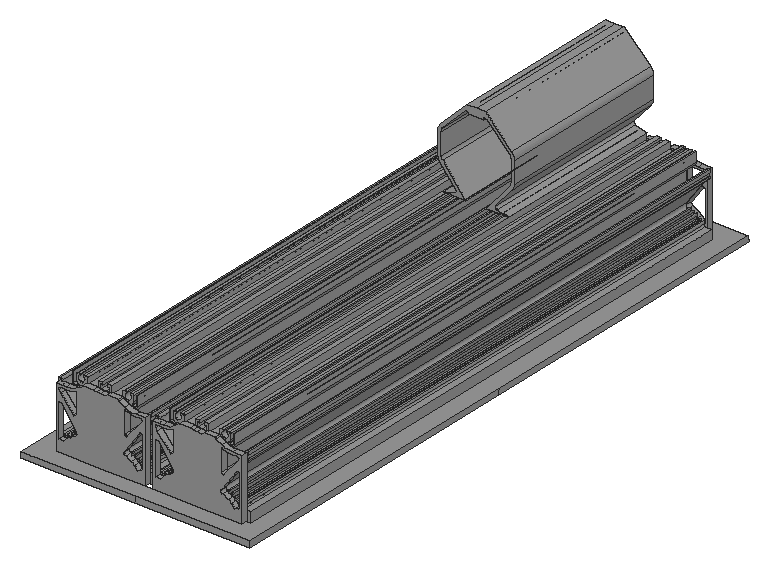
Revit family "L-street 48 Standart", category Осветительные приборы, Revit 2017 (continued)
Types (5, lengths in mm): name | built-in parameter 1150134 | Файл фотометрической сетки | built-in parameter 1150105 | Lumens | built-in parameter 1150106 | built-in parameter 1150142 | Wattage | built-in parameter 1150107 | Артикул
  (no name) | 12 | "L-street 48-65-LLI3-4.0K-01 Standart.ies" | 677.36 (stored number, unit not read) | 8512 lm | 6.7736 (stored number, unit not read) | "IESNA:LM-63-1995\r\n[TEST]LEDEL\r\n[DATA]28.11.2018\r\n[MANUFAC]LEDEL\r\n[LUMCAT]L-street 48/65/Ш3/4.0К/01 Standart\r\n[LUMINAIRE]Для освещения городских улиц, придомовых территорий, парков и пр\r\n[LAMPCAT]LED\r\n[LAMP]OSRAM OSLON SQUARE\r\nTILT=NONE\r\n \r\n1 8512 8.599 91 37 1 2 0.533 0.164 0.148\r\n1 1 65\r\n\r\n0 1 2 3 4 5 6 7 8 9 10 11 12 13 14 15 16 17 18 19 20 21 22 23 24 25 26 27 28 29 30 31 32 33 34 35 36 37 38 39 40 41 42 43 44 45 46 47 48 49 50 51 52 53 54 55 56 57 58 59 60 61 62 63 64 65 66 67 68 69 70 71 72 73 74 75 76 77 78 79 80 81 82 83 84 85 86 87 88 89 90\r\n0 2.5 5 7.5 10 12.5 15 17.5 20 22.5 25 27.5 30 32.5 35 37.5 40 42.5 45 47.5 50 52.5 55 57.5 60 62.5 65 67.5 70 72.5 75 77.5 80 82.5 85 87.5 90 \r\n\r\n328.9 329.3 330.2 330.9 331.9 333.4 335.1 336.8 338.7 340.8 342.8 345 347.5 350.1 353 356 358.9 361.9 364.8 367.6 370.4 373.1 375.9 378.6 381.2 384 387.3 390.9 395 399.6 404.9 410.7 417.4 425.2 435.2 445.1 453.5 460.4 465.8 471.5 479.7 491.2 504.8 521 539.3 559.8 582 607.2 633.9 663 691.7 721.3 752.1 785.2 818.3 851.9 885.2 917 937 939.3 919 859.4 761.2 644.9 513.6 372.2 249 140.6 80.9 50.5 34.7 24.4 17.8 14.5 12.7 11.4 10.5 9.8 9.1 8.5 8 7.4 7 6.5 6.2 5.9 5.5 4.8 3.2 2.7 2.7\r\n328.9 329 329.5 330 330.7 331.9 333.2 334.6 336.2 338 339.8 341.8 344 346.5 349.2 352.1 354.9 357.8 360.7 363.6 366.4 369.2 372 374.9 377.8 380.7 383.9 387.3 391.1 395.4 400.3 405.6 411.7 418.6 427.2 436.3 444.8 452.4 459 464.7 471.7 481.1 492.7 506.6 522.4 540.2 559.7 581.7 605.8 631.5 658.1 685.9 714.5 745.8 778.3 812.3 846.4 879.2 904.3 916.2 905.6 859.1 774.4 661.5 532.7 402.1 293.1 196.3 120.8 68.8 45.8 31.7 22.8 18 15.4 13.6 12.3 11.3 10.5 9.8 9.1 8.5 7.9 7.3 6.9 6.5 6.1 5.5 4.3 3.3 2.9\r\n328.9 328.8 328.9 329 329.6 330.3 331.2 332.3 333.7 335.2 336.8 338.6 340.6 342.8 345.5 348.2 350.9 353.7 356.6 359.6 362.4 365.3 368.2 371.2 374.4 377.4 380.5 383.6 387.3 391.2 395.6 400.5 406 411.9 419.2 427.5 436 444.3 452.2 457.9 463.7 471 480.7 492.2 505.6 520.6 537.4 556.3 577.6 600 624.5 650.4 677 706.4 738.3 772.8 807.5 841.5 871.5 893.1 892.3 858.7 787.6 678.2 551.8 432 337.2 251.9 160.7 87.2 56.8 39 27.9 21.5 18 15.7 14.1 12.8 12 11.2 10.3 9.6 8.9 8.2 7.6 7.1 6.7 6.3 5.5 4 3.1\r\n328.9 329.4 330.2 331 332 333.4 335 336.7 338.6 340.6 342.6 344.7 347.1 349.6 352.4 355.2 358.1 360.9 363.6 366.2 368.8 371.4 374 376.6 379.2 382 385.3 388.8 392.6 397 402.2 407.8 414.4 421.9 431.2 440.5 448.4 454.9 460.4 466.2 474 484.8 497.7 513 530.2 549.4 569.9 593 617.3 643.5 669.5 695.9 722.8 751.4 780 808.5 835.6 860.9 877.7 881 869.3 832.1 763.8 664.3 532.5 377.6 247 136.9 77.5 48.8 34.8 24 17.1 14.1 12.4 11.1 10.2 9.6 8.9 8.3 7.8 7.2 6.8 6.3 6 5.7 5.4 4.7 3.1 2.7 2.7\r\n328.9 329.4 330.1 331 332.1 333.4 334.9 336.6 338.5 340.4 342.3 344.5 346.7 349.1 351.8 354.5 357.3 359.9 362.4 364.8 367.2 369.6 372.2 374.6 377.3 380.1 383.3 386.6 390.2 394.4 399.4 405 411.4 418.6 427.2 435.9 443.2 449.5 455 460.8 468.3 478.4 490.6 505 521.2 539.1 557.7 578.9 600.7 624.1 647.2 670.6 693.5 717.6 741.7 765.1 785.9 804.8 818.4 822.6 819.6 804.9 766.4 683.8 551.4 383.1 244.9 133.2 74 47.1 34.9 23.6 16.4 13.6 12.1 10.9 10 9.4 8.7 8.1 7.6 7 6.6 6.2 5.8 5.4 5.3 4.5 3 2.6 2.7\r\n328.9 329.4 330.2 331 332 333.3 334.7 336.2 338 339.7 341.5 343.5 345.5 347.8 350.3 353 355.7 358.2 360.7 363 365.4 367.8 370.3 372.8 375.5 378.3 381.5 384.8 388.6 392.8 397.6 403 409.3 416.1 424.2 432.5 439.5 445.4 450.6 455.9 462.5 471.1 481.3 493.2 506.3 520.8 536.2 553.5 571.6 591.3 611.2 631.8 652.8 675.7 698.9 722.2 742.8 761.3 775.1 781.3 780.2 768.4 735.8 659.6 539 387.4 258.5 153.6 86.2 51.2 36.2 25 17.1 13.6 12 10.8 9.8 9.2 8.5 8 7.4 6.9 6.5 6 5.7 5.4 5.1 4.5 3.1 2.7 2.7\r\n328.9 329.4 330.2 330.9 332 333.2 334.5 335.8 337.4 339.1 340.8 342.5 344.4 346.5 348.9 351.5 354.1 356.6 358.9 361.3 363.6 365.9 368.4 371 373.6 376.5 379.6 383.1 387 391.1 395.7 401 407.1 413.6 421.1 429 435.8 441.3 446.2 451 456.7 463.9 472 481.4 491.5 502.6 514.6 528.2 542.5 558.5 575.2 593 612 633.7 656.1 679.2 699.7 717.9 731.8 740 740.8 732 705.1 635.4 526.7 391.7 272.1 174 98.4 55.3 37.6 26.3 17.8 13.6 11.9 10.7 9.7 9 8.3 7.8 7.3 6.8 6.3 5.9 5.6 5.3 4.9 4.5 3.3 2.7 2.7\r\n328.9 329.5 330.3 331 332 333.1 334.2 335.5 337 338.5 340.1 341.6 343.4 345.3 347.5 350 352.5 354.9 357.3 359.6 361.8 364 366.3 368.6 371.2 373.8 376.8 380.1 383.8 387.6 392 396.7 402.2 408 414.6 421.4 427.4 432.1 436.2 439.9 444.1 449.8 456.5 464.2 472.4 481.7 492.1 504.3 517.4 532 547.1 562.9 578.6 594.9 610.3 625.2 636.8 644.4 646.8 642.2 628.3 601.4 558.5 487.4 398.1 300.5 218.4 153.5 97.9 57.3 37.8 25.4 16.7 12.7 11.3 10.1 9.1 8.4 7.8 7.3 6.8 6.4 5.9 5.5 5.2 4.9 4.6 4.3 3.2 2.7 2.7\r\n328.9 329.6 330.4 331 332 333 334 335.2 336.5 338 339.5 340.8 342.3 344.1 346.2 348.5 350.9 353.2 355.7 357.9 360.1 362.1 364.1 366.3 368.7 371.1 374 377.1 380.5 384.1 388.2 392.4 397.3 402.4 408 413.7 419 423 426.2 428.7 431.6 435.7 440.9 447 453.3 460.7 469.6 480.4 492.2 505.5 519.1 532.8 545.2 556 564.6 571.2 573.9 570.8 561.8 544.4 515.9 470.9 411.9 339.3 269.5 209.3 164.6 132.9 97.4 59.2 38 24.5 15.6 11.9 10.6 9.5 8.6 7.9 7.3 6.7 6.4 5.9 5.5 5.1 4.9 4.6 4.3 4 3 2.6 2.6\r\n328.9 329.6 330.3 330.9 331.7 332.6 333.5 334.6 335.8 337.1 338.4 339.6 341 342.5 344.5 346.6 348.8 351.1 353.5 355.6 357.6 359.4 361.2 363.2 365.5 367.9 370.6 373.6 377 380.4 384 387.7 391.8 395.9 400.4 404.8 409 412.2 414.8 416.7 419.1 422.5 426.9 432.4 438.2 444.8 451.8 459.6 467.6 476.2 484.4 492.1 497.8 501.1 501.5 498.2 489.1 471.8 446.9 414.5 377.6 335.3 291 243.7 199.4 161.3 132.5 111.4 88.8 60 38.2 24.5 15.5 11.5 10.1 9.1 8.1 7.4 6.8 6.3 5.9 5.6 5.2 4.8 4.5 4.3 4.1 3.8 3 2.6 2.6\r\n328.9 329.6 330.2 330.8 331.5 332.2 333 334 335.1 336.2 337.4 338.4 339.6 341 342.7 344.6 346.8 349 351.2 353.2 355.2 356.8 358.4 360.1 362.3 364.7 367.2 370.2 373.4 376.6 379.9 382.9 386.3 389.4 392.8 395.9 399 401.5 403.4 404.8 406.6 409.3 413 417.7 423.2 428.9 434.1 438.8 443 446.9 449.6 451.3 450.4 446.3 438.5 425.2 404.4 372.8 332.1 284.5 239.3 199.8 170 148 129.3 113.3 100.4 90 80.2 60.7 38.4 24.6 15.5 11.1 9.6 8.7 7.7 6.9 6.3 5.9 5.5 5.2 4.9 4.5 4.2 4 3.8 3.6 2.9 2.7 2.6\r\n328.9 329.6 330.1 330.7 331.3 331.9 332.7 333.7 334.6 335.6 336.6 337.5 338.6 339.9 341.4 343.2 345.2 347.2 349.1 350.9 352.7 354.2 355.8 357.6 359.7 362.1 364.5 367.1 369.7 372.2 374.7 377.2 379.9 382.5 385.1 387.6 390 392.2 394 395.5 397.2 398.9 400.9 403.2 405.8 408.1 409.5 410 409.2 407 401.9 393.5 379.6 360.7 338.2 313.8 287.4 259.5 230.5 200.1 171.3 146.3 126.5 111.3 98.3 88 80.3 73.6 62.6 45.5 29.8 19.7 12.9 9.9 8.7 7.8 6.9 6.3 5.7 5.3 5 4.7 4.4 4.1 3.8 3.6 3.4 3.1 2.7 2.6 2.5\r\n328.9 329.6 330 330.5 331 331.7 332.4 333.3 334.1 335 335.7 336.6 337.5 338.9 340.2 341.7 343.6 345.5 347 348.7 350.2 351.6 353.2 355.1 357.2 359.5 361.8 364 366 367.9 369.5 371.4 373.5 375.5 377.4 379.4 381.1 382.8 384.6 386.2 387.8 388.6 388.8 388.6 388.5 387.4 384.9 381.1 375.4 367.2 354.2 335.6 308.8 275.2 237.8 202.4 170.4 146.1 128.9 115.6 103.3 92.8 83 74.7 67.3 62.7 60.1 57.1 45.1 30.4 21.1 14.9 10.4 8.8 7.8 6.9 6.2 5.6 5.1 4.8 4.5 4.1 3.9 3.7 3.5 3.3 3.1 2.7 2.5 2.5 2.5\r\n328.9 329.5 329.8 330.3 330.6 331.2 331.7 332.4 333 333.7 334.2 334.8 335.4 336.4 337.3 338.6 340.1 341.7 343.1 344.6 346.1 347.4 348.8 350.3 352 353.8 355.5 357.1 358.6 360 361.2 362.3 363.6 365 366.4 368.1 369.5 370.4 370.9 370.8 370.5 369.4 367.5 364.9 361.4 356.8 349.7 339.5 325 306.7 283.4 257 228.1 199.7 172.9 149.4 128.6 112.2 99.6 89.2 79.7 71.9 64.6 58.5 52.9 49.3 46.4 42.2 33.6 24.5 18.4 13.7 10.1 8.5 7.6 6.7 6 5.3 4.8 4.5 4.3 3.9 3.7 3.5 3.3 3.1 3 2.6 2.4 2.4 2.4\r\n328.9 329.4 329.7 330 330.2 330.6 331 331.5 332 332.4 332.7 332.9 333.3 333.9 334.5 335.5 336.6 337.9 339.3 340.6 341.9 343.2 344.4 345.6 346.8 348.1 349.2 350.3 351.3 352.1 352.9 353.2 353.7 354.4 355.4 356.8 357.8 358 357.2 355.5 353.3 350.3 346.3 341.1 334.4 326.1 314.5 297.9 274.7 246.3 212.5 178.4 147.3 124.1 108 96.4 86.8 78.2 70.2 62.8 56.2 50.9 46.3 42.4 38.6 35.9 32.7 27.2 22.1 18.6 15.6 12.5 9.8 8.3 7.4 6.5 5.8 5.1 4.6 4.2 4.1 3.8 3.5 3.4 3.2 3 2.9 2.5 2.3 2.4 2.4\r\n328.9 329.4 329.6 329.8 330 330.2 330.4 330.7 330.9 331.1 331.2 331.3 331.4 331.6 332 332.8 333.6 334.8 335.8 337 338 339 339.9 340.7 341.5 342.3 343 343.7 344.2 344.5 344.8 344.9 345.1 345.2 345.2 345.4 345.1 344 342.1 339.1 334.9 329.9 323.6 315.4 304.1 289.5 270.1 246.3 218.3 189.8 161.8 137.2 116 100.1 88.3 79.2 71.4 64.3 57.9 52.2 47.2 43.1 39.5 36.3 33 30.2 27.2 23.3 19.6 16.9 14.4 11.8 9.5 8.3 7.4 6.6 5.8 5.1 4.5 4.1 3.9 3.6 3.4 3.3 3.1 2.9 2.8 2.5 2.3 2.3 2.4\r\n328.9 329.4 329.6 329.7 329.7 329.7 329.8 329.9 329.9 329.9 329.8 329.7 329.4 329.3 329.6 330 330.6 331.6 332.4 333.3 334.1 334.8 335.4 335.7 336.1 336.4 336.8 337 337.1 336.9 336.8 336.5 336.5 336.1 335 333.9 332.3 330.1 327 322.6 316.6 309.6 301 289.7 273.8 252.8 225.7 194.7 161.9 133.3 111 96 84.7 76.1 68.6 62 56 50.4 45.5 41.6 38.2 35.3 32.8 30.2 27.3 24.4 21.7 19.4 17.2 15.2 13.1 11 9.3 8.2 7.4 6.7 5.8 5.1 4.4 3.9 3.8 3.5 3.4 3.2 3 2.9 2.8 2.5 2.2 2.3 2.4\r\n328.9 329.3 329.4 329.4 329.3 329.2 329 328.9 328.7 328.5 328.2 327.9 327.5 327.2 327.2 327.5 327.9 328.5 329.1 329.6 330 330.3 330.4 330.6 330.7 330.8 330.8 330.7 330.4 330 329.4 328.5 327.5 326 324.1 321.7 318.8 314.9 310.1 304 296 286 272.6 255.5 233.2 207 178.6 151.5 126.8 106.9 91.5 80.4 71.6 64.3 58 52.5 47.6 43.4 39.8 36.8 34.2 31.8 29.5 27.1 24.8 22.5 20.3 18.4 16.5 14.8 13.1 11.5 9.9 8.6 7.6 6.8 6 5.3 4.5 4 3.7 3.5 3.3 3.1 2.9 2.8 2.7 2.5 2.2 2.2 2.3\r\n328.9 329.3 329.2 329.1 328.8 328.6 328.2 328 327.6 327.1 326.6 326.1 325.5 325.2 324.9 325 325.1 325.4 325.7 325.8 325.9 325.7 325.4 325.4 325.3 325.2 324.8 324.4 323.8 323 322.1 320.5 318.5 316 313.1 309.5 305.4 299.8 293.2 285.4 275.5 262.4 244.2 221.4 192.6 161.2 131.4 108.3 91.8 80.6 72 64.9 58.4 52.6 47.4 43 39.3 36.3 34 32.1 30.3 28.3 26.1 24.1 22.3 20.7 18.9 17.3 15.8 14.4 13.1 11.9 10.5 8.9 7.8 7 6.2 5.5 4.7 4 3.6 3.4 3.2 3.1 2.9 2.7 2.6 2.4 2.3 2.1 2.2\r\n328.9 329.2 329.1 328.9 328.5 328.1 327.6 327.1 326.5 325.8 325 324.2 323.5 322.9 322.5 322.3 322.2 322.1 322 321.7 321.1 320.5 319.8 319.4 319 318.6 318.3 318 317.4 316.3 314.8 312.5 309.6 306 301.6 296.4 290.5 283 273.9 262.7 247.9 229.2 205.3 179.3 152 127.2 106.1 90 78 69.4 62.5 56.6 51.2 46.4 42.2 38.8 35.9 33.6 31.7 29.9 28.2 26.4 24.5 22.9 21.5 20.1 18.6 17.3 16.1 14.8 13.7 12.7 11.6 10.2 8.7 7.5 6.6 5.9 5 4.3 3.7 3.4 3.2 3 2.9 2.7 2.6 2.4 2.2 2.1 2.2\r\n328.9 329.2 329 328.7 328.2 327.6 326.9 326.2 325.4 324.4 323.3 322.2 321.4 320.7 320.1 319.6 319.2 318.9 318.4 317.5 316.4 315.2 314.1 313.3 312.6 312.1 311.8 311.6 311 309.7 307.4 304.5 300.7 295.9 290.2 283.3 275.6 266.1 254.6 240 220.4 195.9 166.4 137.2 111.4 93.3 80.7 71.7 64.3 58.2 53 48.3 43.9 40.2 37.1 34.6 32.6 31 29.4 27.8 26.1 24.4 22.9 21.8 20.7 19.5 18.4 17.3 16.4 15.3 14.4 13.5 12.7 11.5 9.6 8 7 6.2 5.3 4.5 3.8 3.4 3.1 2.9 2.9 2.7 2.6 2.4 2.2 2.1 2.1\r\n328.9 329.1 328.9 328.5 327.9 327.2 326.4 325.6 324.6 323.3 322 320.8 319.8 318.9 318.2 317.5 316.8 316.1 315.1 313.9 312.4 310.9 309.5 308.4 307.3 306.4 305.9 305.3 304.4 302.7 300.3 297.2 293.3 288 281.6 274 265.3 254.3 240.7 223.1 200.5 173.9 145 119.4 98.6 84.1 73.5 65.7 59.1 54 49.5 45.3 41.5 38.2 35.5 33.3 31.4 29.8 28.2 26.6 25.1 23.6 22.2 21.1 20.2 19.3 18.5 17.7 16.9 16 15.1 14.3 13.5 12.5 11.1 9.6 7.9 6.6 5.7 4.9 4.1 3.5 3.2 2.9 2.8 2.7 2.6 2.4 2.2 2.1 2.1\r\n328.9 329.1 328.8 328.3 327.6 326.8 325.8 324.9 323.7 322.1 320.6 319.3 318.2 317 316.2 315.3 314.4 313.3 311.9 310.3 308.3 306.6 305 303.4 302 300.8 300 299.1 297.7 295.7 293.1 289.8 285.8 280.1 273 264.6 254.9 242.5 226.9 206.2 180.6 151.8 123.5 101.5 85.7 74.9 66.3 59.6 54 49.7 45.9 42.3 39 36.3 34 31.9 30.2 28.6 27 25.5 24.1 22.7 21.5 20.5 19.7 19.1 18.6 18 17.3 16.6 15.8 15 14.3 13.4 12.5 11.1 8.7 7.1 6.1 5.3 4.4 3.5 3.2 2.9 2.8 2.7 2.6 2.4 2.2 2.1 2\r\n328.9 329 328.7 328.1 327.3 326.4 325.3 324.1 322.7 320.9 319.1 317.6 316.3 315.1 313.9 312.8 311.5 309.9 307.9 305.7 303.5 301.4 299.5 297.5 295.7 294.2 292.6 290.6 288.1 285 281.6 277.4 272.1 265.3 257.3 247.5 235.5 219.7 200.5 176.6 150.6 125.6 104.1 88.2 76.4 67.6 60.4 54.7 50.1 46.5 43.3 40.4 37.5 35.2 33 31.1 29.4 28 26.4 25 23.6 22.4 21.1 20.3 19.8 19.2 18.7 18 17.3 16.6 15.9 15.5 15 14.4 13.9 12.8 11 9.1 7.1 5.8 4.8 3.9 3.3 3 2.8 2.7 2.6 2.4 2.2 2 2\r\n328.9 328.9 328.5 327.8 327 326 324.7 323.4 321.7 319.7 317.6 315.9 314.5 313.1 311.6 310.2 308.6 306.4 303.9 301.2 298.6 296.2 294 291.5 289.5 287.6 285.2 282.1 278.4 274.4 270.2 265 258.4 250.5 241.6 230.5 216 196.9 174.1 147 120.5 99.5 84.7 74.9 67 60.3 54.4 49.8 46.1 43.3 40.8 38.5 36.1 34 32 30.2 28.6 27.3 25.9 24.5 23.1 22 20.8 20.1 19.8 19.3 18.8 18 17.2 16.6 16.1 15.9 15.7 15.4 15.2 14.6 13.2 11.1 8.1 6.3 5.2 4.2 3.4 3 2.8 2.7 2.6 2.4 2.2 1.9 2\r\n328.9 328.9 328.5 327.7 326.8 325.6 324.3 322.8 320.9 318.7 316.5 314.6 312.9 311.3 309.7 307.9 305.7 303.1 300.1 297.1 294.1 291.4 288.9 286.5 284.2 281.7 278.6 274.9 270.7 266.1 260.9 254.6 247 238.2 228 214.8 198.1 176.2 151.4 125.6 103.6 87.8 76.3 68 61 55.2 50.3 46.6 43.7 41.5 39.4 37.3 35.1 33.1 31.3 29.7 28.2 27.1 25.8 24.6 23.2 22.1 21 20.3 19.9 19.4 19 18.3 17.7 17.1 16.5 16.2 16.1 15.8 15.4 14.6 13.5 11.9 9.7 7.9 5.9 4.6 3.8 3.2 2.8 2.7 2.5 2.4 2.2 2 2\r\n328.9 328.9 328.4 327.6 326.6 325.3 323.9 322.1 320.2 317.7 315.5 313.3 311.3 309.6 307.8 305.5 302.9 299.7 296.3 292.9 289.7 286.5 283.8 281.4 278.9 275.8 272.1 267.7 263 257.7 251.6 244.2 235.6 225.9 214.3 199.1 180.2 155.6 128.7 104.2 86.8 76 67.9 61.1 55 50 46.2 43.4 41.2 39.6 38 36.2 34.2 32.2 30.6 29.2 27.9 26.8 25.7 24.6 23.4 22.3 21.2 20.5 20 19.6 19.2 18.7 18.2 17.5 16.9 16.6 16.6 16.2 15.6 14.7 13.8 12.6 11.3 9.5 6.7 5 4.1 3.3 2.9 2.6 2.5 2.3 2.1 2 2\r\n328.9 328.9 328.4 327.5 326.4 325.1 323.6 321.7 319.6 317.1 314.7 312.3 310.2 308.2 306.1 303.5 300.4 296.8 293 289.3 285.8 282.4 279.6 276.9 274.1 270.5 266.3 261.4 256.2 250.1 243.2 235.1 226 215.2 202.2 185.4 164.9 140.2 115.8 95.1 80.7 71.6 64.3 57.9 52.3 47.8 44.6 42.2 40.4 39 37.5 35.7 33.8 31.9 30.4 29.1 27.9 26.8 25.6 24.5 23.5 22.5 21.6 20.9 20.4 20 19.7 19.3 18.7 17.9 17.1 16.4 16.1 15.7 15.1 14.4 13.4 12 10.7 9.2 7.3 5.8 4.5 3.6 3 2.7 2.4 2.3 2.1 2 2\r\n328.9 328.9 328.4 327.4 326.2 324.9 323.3 321.3 319 316.4 313.9 311.3 309 306.8 304.4 301.5 297.9 293.8 289.8 285.7 281.9 278.3 275.3 272.4 269.3 265.2 260.5 255.1 249.3 242.6 234.8 226.1 216.3 204.5 190.1 171.6 149.6 124.8 102.9 85.9 74.6 67.1 60.6 54.8 49.6 45.7 42.9 41 39.6 38.4 37 35.3 33.4 31.7 30.2 29 27.9 26.8 25.5 24.4 23.6 22.6 21.9 21.3 20.7 20.4 20.3 20 19.3 18.3 17.3 16.3 15.6 15.2 14.6 14 13 11.4 10.1 9 8 6.6 5 3.8 3.1 2.7 2.4 2.3 2.1 1.9 1.9\r\n328.9 328.9 328.2 327.1 325.9 324.5 322.8 320.6 318.3 315.7 313.1 310.5 308 305.6 302.9 299.6 295.7 291.3 287 282.6 278.7 275.2 272.2 269.1 265.7 261.3 256.3 250.5 244.3 237 228.7 219.3 208.6 195.5 179.4 159.1 136 112.5 93.6 79.8 70.4 63.7 57.4 51.9 47.3 44.1 41.9 40.3 39 37.9 36.5 34.9 33.1 31.6 30.2 28.9 27.6 26.4 25.3 24.4 23.6 23 22.6 22.3 22.1 21.9 21.5 20.7 19.8 18.7 17.6 16.5 15.6 14.8 13.9 13.2 12.1 10.9 9.8 8.8 7.7 6.5 5.2 4 3.1 2.7 2.4 2.3 2.1 1.9 1.9\r\n328.9 328.8 328 326.8 325.5 324.1 322.3 320 317.6 314.9 312.2 309.6 307 304.3 301.4 297.6 293.5 288.8 284.2 279.5 275.5 272 269 265.9 262 257.3 252 245.8 239.2 231.4 222.7 212.6 201 186.6 168.7 146.5 122.3 100.1 84.4 73.6 66.3 60.4 54.3 48.9 44.9 42.4 40.8 39.5 38.4 37.3 35.9 34.5 32.8 31.5 30.3 28.7 27.3 26.1 25.2 24.3 23.7 23.4 23.2 23.4 23.4 23.3 22.6 21.5 20.3 19.1 17.8 16.7 15.6 14.4 13.2 12.3 11.3 10.5 9.6 8.6 7.5 6.4 5.4 4.1 3.2 2.6 2.4 2.2 2.1 1.9 1.9\r\n328.9 328.8 328 326.8 325.6 324 322.1 319.8 317.3 314.6 311.8 309.2 306.4 303.5 300.2 296.1 291.6 286.6 281.7 276.8 272.7 269.1 266.1 262.7 258.6 253.5 248 241.7 234.8 226.8 217.9 207.5 195.5 180.5 162.1 139.5 116 95.4 81.2 71.
